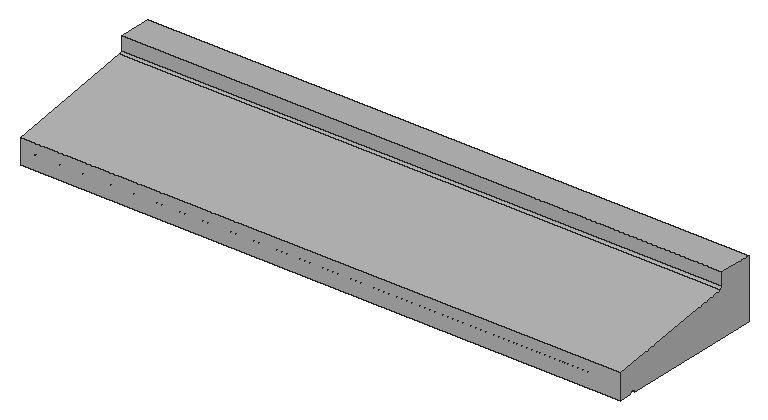
Revit family "10.5 Inch Sill -S385", category Generic Models, Revit 2020
Family settings
  Can host rebar = No
  Round Connector Dimension = Use Diameter
  Part Type = Normal
  Work Plane-Based = No
  Always vertical = Yes
  Cut with Voids When Loaded = No
  Shared = No
  Room Calculation Point = No
Parameters
  Width of Seating = 55 mm
  Weight = "44Kg/m"
  Warranty Guarantor Parts = "n/a"
  Warranty Guarantor Labour = "n/a"
  Warranty Duration Unit = "n/a"
  Warranty Duration Parts = "n/a"
  Warranty Duration Labour = "n/a"
  Warranty Description = "n/a"
  URL = "www.killeshal.com"
  Types = "Single"
  Type Comments = "Visit our website for a full list of available products."
  Sustainability Performance = "n/a"
  Structural Class = "n/a"
  Span = "Ope Size + 205mm overhang."
  Slope = "0.00°"
  Size = "267mm x 100 to 45mm"
  Sill Width [instance] = 267 mm
  Sill Length [instance] = 1002 mm
  Sill Height [instance] = 100 mm
  Shape = "As per drawing"
  Service Life = "0.000000"
  Serial Number = "n/a"
  Resistance to Fire = "n/a"
  Replacement Cost = "n/a"
  Reference = "n/a"
  Notified Body = "n/a"
  Nominal Cover to Main Bar = "n/a"
  Model = "S/385 Sill"
  Mechanical Resistance = "n/a"
  Manufacturer = "Killeshal Precast Concrete Ltd."
  Load Bearing = no
  Life Cycle Environmental Load = "n/a"
  Length Options = "Stock sizes 552mm, 665mm, 777mm, 890mm, 1002mm, 1050mm, 1115mm, 1227mm, 1340mm, 1452mm, 1565mm, 1677mm, 1790mm, 1902mm, 2015mm, 2127mm, 2240mm, 2352mm, 2465mm, 2577mm, 2690mm, 2802mm, 2915mm"
  Keynote = "The information contained is the sole property of KPC Ltd., any reproduction in part or whole without permission of KPC Ltd. is prohibited."
  Front Face Dimension = 45 mm
  Environmental Product Declaration = "n/a"
  Environmental Class = "n/a"
  Durability against Corrosion = "n/a"
  Distance from Face to Seating = 212 mm
  Dimension Accuracy Class = "n/a"
  Detailing = "As per design specification and product drawings."
  Description = "Type 10½ Inch-Sill"
  Default Elevation = 0 mm
  Dangerous Substances = "n/a"
  Contact Tel = "0035357 9353018"
  Contact Email = "sales@killeshal.com"
  Construction Type = "Precast"
  Construction Tolerance Class = "n/a"
  Compressive Strength of Concrete = "n/a"
  Characteristics of Reinforcing Steel = "n/a"
  Characteristics Deflection Under Load = "n/a"
Reference planes
  plane 1 "Center (Front/Back)": y = 0
  plane 2: z = 0
  plane 3 "Center (Left/Right)": x = 0
  plane 4 "Rear": y = 133.5
  plane 5 "Front": y = -133.5
  plane 6 "Top": z = 100
  plane 7 "Center L/T": z = 45
  plane 8 "Center L/U": y = 78.5
  plane 9 "Center L/V": z = 75
Forms (mm)
  Extrusion 1, solid, material "Precast Concrete (KPC)"
    sketch origin (0, 0, 0) x (0, 1, 0) y (0, 0, 1)
      loop
        line (133.5, 0) -> (133.5, 100) -> (78.5, 100) -> (78.5, 78.372)
        arc (78.5, 78.372) -> (77.54, 75.772) -> (75.12, 74.42) r 4
        line (75.12, 74.42) -> (-133.5, 41.702) -> (-133.5, 0) -> (-113.5, 0)
        arc (-113.5, 0) -> (-108.5, 5) -> (-103.5, 0) r 5
        line (-103.5, 0) -> (133.5, 0)
    from 0 to 1002
Dimensions and locks
  "Sill Width": Extrusion 1 to Extrusion 1
  Extrusion 1 to plane 7 "Center L/T" = 45 mm
  "Sill Height": Extrusion 1 to Extrusion 1
  "Sill Length": Extrusion 1 to Extrusion 1
  Extrusion 1 to Extrusion 1 = 55 mm
  Extrusion 1 to plane 9 "Center L/V" = 25 mm
  aligned and locked: level to plane 2
Automatic sketch dimensions
  Extrusion 1 sketch curve to plane 5 "Front" = 0 mm
  Extrusion 1 sketch curve to level = 0 mm
  Extrusion 1 sketch curve to plane 8 "Center L/U" = 0 mm
  Extrusion 1 sketch curve to plane 4 "Rear" = 0 mm
  Extrusion 1 sketch curve to plane 6 "Top" = 0 mm
  plane 5 "Front" to Extrusion 1 sketch curve = 20 mm
  Extrusion 1 sketch curve to Extrusion 1 sketch curve = 5 mm
  Extrusion 1 sketch curve to Extrusion 1 sketch curve = 4 mm
  Extrusion 1 sketch curve to plane 9 "Center L/V" = 0.58 mm
  Extrusion 1 sketch curve to plane 8 "Center L/U" = 3.38 mm
  Extrusion 1 sketch curve to plane 7 "Center L/T" = 3.298 mm
